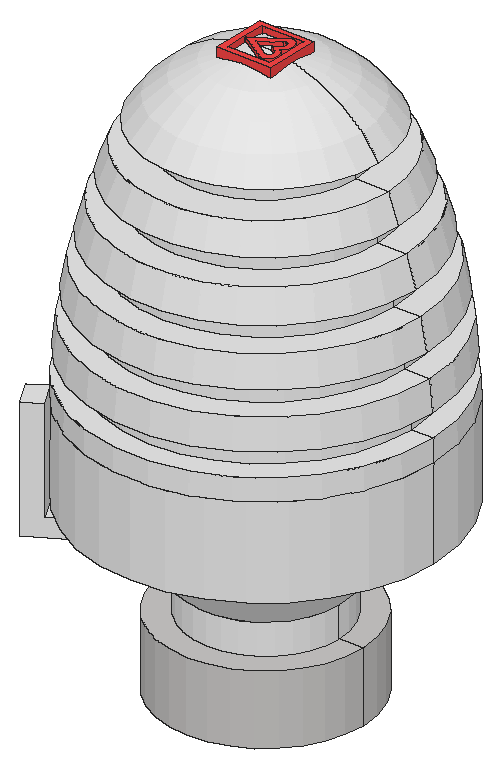
Revit family "HERZ-Design-Thermostatkopf M28x1.5 9230", category Rohrzubehör, Revit 2021
Family settings
  Bemaßung runder Anschluss = Durchmesser verwenden
  Teiletyp = Normal
  OmniClass-Nummer = 23.65.55.14
  OmniClass-Titel = Valves for Liquid Services
  Arbeitsebenenbasiert = Nein
  Immer vertikal = Nein
  Beim Laden mit Abzugskörper schneiden = Nein
  Gemeinsam genutzt = Nein
Parameters
  Vorgabe-Ansicht = 0.000 mm
  URL = "www.herz-armaturen.at"
  Sollwertbereich Frostsicherung = "6-30°C"  # constant formula
  Sollwertbereich = "0-30°C"  # constant formula
  S02 = 60.000 mm  # constant formula
  S01 = 90.000 mm  # constant formula
  Hersteller = "HERZ Armaturen Ges.m.b.H."  # constant formula
  Handrad = "Kunststoff, weiß"  # constant formula
  Funktionsweise = "Der HERZ-Thermostat dient als Fühl- und Regelelement. Durch die Volumsänderung der Flüssigkeitsfüllung im HERZHydrosensor wird die Schubspindel des Ventils bewegt."
  Frostsicherung = 6 °C  # constant formula
  Bestellnummer = 1923006  # constant formula
  Ausführungen = "Heizkörperthermostat mit Flüssigkeitsfühler (Hydrosensor)\r\nmit Stellung „0“, Frostsicherung einstellbar, mit Begrenzung und Blockierung des Sollwertbereiches.\r\nHandradfarbe weiß"
  Anwendungen = "Zur Montage auf allen HERZ-Ventilen, die für thermostatischen Betrieb eingerichtet sind."
Reference planes
  plane 1 "Mitte (Vorne/hinten)": y = 0
  plane 2: z = 0
  plane 3 "Mitte (Links/rechts)": x = 0
Forms (mm)
  Revolve 1, solid, material "Kunststoff weiß", detail levels fine
    sketch origin (0, 0, 0) x (1, 0, 0) y (0, 0, 1)
      loop
        line (0, 0) -> (0, 90)
        arc (0, 90) -> (-10.767, 87.197) -> (-18.8, 79.5) r 22.08
        arc (-18.8, 79.5) -> (-25.672, 59.356) -> (-28, 38.2) r 97.301
        line (-28, 38.2) -> (-28, 23.2) -> (-23.25, 23.2) -> (-23.25, 20.5) -> (-20.4, 20.5) -> (-20.4, 19.7) -> (-12.2, 11.5) -> (-12.2, 4.8) -> (-13.2, 4.8) -> (-13.2, 0) -> (0, 0)
      axis (0, 90) -> (0, 0)
    angle from 0 to 360
  Extrusion 2, solid, material "Kunststoff weiß", detail levels fine
    sketch origin (0, 0, 0) x (0.866025, 0.5, 0) y (0, 0, 1)
      loop
        line (-28.5, 36.04) -> (-31.75, 36.04) -> (-31.75, 16.2) -> (-20.85, 16.2) -> (-20.85, 20.5) -> (-23.25, 20.5) -> (-23.25, 21.5) -> (-24.578, 19.2) -> (-28.5, 19.2) -> (-28.5, 36.04)
    from 2.5 to -2.5
  Extrusion 3, solid, material "Kunststoff weiß", detail levels fine
    sketch origin (0, 0, 0) x (0, 1, 0) y (0, 0, 1)
      loop
        arc (0.75, 19.2) -> (1.987, 19.713) -> (2.5, 20.95) r 1.75
        line (2.5, 20.95) -> (2.5, 32.2) -> (-2.5, 32.2) -> (-2.5, 20.95)
        arc (-2.5, 20.95) -> (-1.987, 19.713) -> (-0.75, 19.2) r 1.75
        line (-0.75, 19.2) -> (0.75, 19.2)
    from 0 to -31.5
  Revolve 4, solid, material "Messing verzinkt", detail levels fine
    sketch origin (0, 0, 0) x (1, 0, 0) y (0, 0, 1)
      loop
        line (0, 0) -> (0, 6.5) -> (-16.25, 6.5) -> (-16.25, -5) -> (-14, -5) -> (-14, 0) -> (0, 0)
      axis (0, 6.5) -> (0, -5)
    angle from 0 to 360
  Revolve 5, void
    sketch origin (0, 0, 0) x (1, 0, 0) y (0, 0, 1)
      loop
        arc (-18.8, 79.5) -> (-19.64, 77.659) -> (-20.442, 75.8) r 97.301
        line (-20.442, 75.8) -> (-14.951, 75.8) -> (-14.951, 79.5) -> (-18.8, 79.5)
      loop
        line (-27.933, 41.8) -> (-24.226, 41.8) -> (-24.226, 45.5) -> (-27.726, 45.5)
        arc (-27.726, 45.5) -> (-27.847, 43.651) -> (-27.933, 41.8) r 97.301
      loop
        arc (-22.197, 71.3) -> (-22.843, 69.456) -> (-23.452, 67.6) r 97.301
        line (-23.452, 67.6) -> (-18.697, 67.6) -> (-18.697, 71.3) -> (-22.197, 71.3)
      loop
        arc (-24.865, 62.7) -> (-25.326, 60.854) -> (-25.751, 59) r 97.301
        line (-25.751, 59) -> (-21.365, 59) -> (-21.365, 62.7) -> (-24.865, 62.7)
      loop
        arc (-26.692, 54.1) -> (-26.98, 52.253) -> (-27.232, 50.4) r 97.301
        line (-27.232, 50.4) -> (-23.192, 50.4) -> (-23.192, 54.1) -> (-26.692, 54.1)
      axis (0, 79.5) -> (0, 41.8)
    angle from 0 to 360
Cuts and joins
  Revolve 5 cuts Revolve 1
Lines and regions (mm)
  model lines, detail levels coarse+medium
    curve 1: line (0, 0, 0) -> (0, 0, 30)
    curve 2: line (0, 0, 0) -> (30, 0, 0)
    curve 3: circle (0, 0, 60) r 30 normal (0, -1, 0)
    curve 4: circle (0, 0, 60) r 30 normal (1, 0, 0)
    curve 5: line (0, 0, 40) -> (0, 0, 80)
    curve 6: line (0, 17.5, 80) -> (0, -17.5, 80)
    curve 7: line (0, 0, 40) -> (0, 0, 80)
    curve 8: line (-17.5, 0, 80) -> (17.5, 0, 80)
    curve 9: circle (60, 0, 0) r 30 normal (0, 0, 1)
    curve 10: line (40, 0, 0) -> (80, 0, 0)
    curve 11: line (80, 17.5, 0) -> (80, -17.5, 0)
Dimensions and locks
  nested 1 to plane 2 = 89.000 mm
  "S01": curve 4 to plane 2
  "S01": curve 3 to plane 2
  "S01": plane 3 "Mitte (Links/rechts)" to curve 9
  "S02": diameter of curve 3
  "S02": diameter of curve 4
  "S02": diameter of curve 9
  aligned and locked: level to plane 2
Automatic sketch dimensions
  Revolve 1 sketch curve to level = 0.000 mm
  Revolve 1 sketch curve to plane 3 "Mitte (Links/rechts)" = 0.000 mm  (x2)
  Revolve 1 sketch curve to plane 3 "Mitte (Links/rechts)" = 12.200 mm
  Revolve 1 sketch curve to Revolve 1 sketch curve = 1.000 mm
  Revolve 1 sketch curve to Revolve 1 sketch curve = 8.200 mm  (x2)
  Revolve 1 sketch curve to Revolve 1 sketch curve = 2.850 mm
  Revolve 1 sketch curve to Revolve 1 sketch curve = 4.750 mm
  plane 3 "Mitte (Links/rechts)" to Revolve 1 sketch curve = 69.301 mm
  level to Revolve 1 sketch curve = 4.800 mm
  Revolve 1 sketch curve to Revolve 1 sketch curve = 6.700 mm
  Revolve 1 sketch curve to Revolve 1 sketch curve = 0.800 mm
  Revolve 1 sketch curve to Revolve 1 sketch curve = 2.700 mm
  Revolve 1 sketch curve to Revolve 1 sketch curve = 15.000 mm
  Revolve 1 sketch curve to Revolve 1 sketch curve = 29.720 mm
  Revolve 1 sketch curve to Revolve 1 sketch curve = 22.080 mm
  Revolve 1 sketch curve to level = 366.045 mm
  Revolve 1 sketch curve to Revolve 1 sketch curve = 0.000 mm
  level to Extrusion 2 sketch curve = 36.040 mm
  Extrusion 2 sketch curve to Extrusion 2 sketch curve = 3.250 mm
  Extrusion 2 sketch curve to Extrusion 2 sketch curve = 3.922 mm
  level to Extrusion 2 sketch curve = 21.500 mm
  Extrusion 2 sketch curve to Extrusion 2 sketch curve = 1.328 mm
  Extrusion 2 sketch curve to Extrusion 2 sketch curve = 3.728 mm
  Extrusion 2 sketch curve to Extrusion 2 sketch curve = 1.000 mm
  Extrusion 2 sketch curve to Extrusion 2 sketch curve = 1.300 mm
  Extrusion 2 sketch curve to Extrusion 2 sketch curve = 3.000 mm
  plane 1 "Mitte (Vorne/hinten)" to Extrusion 3 sketch curve = 2.500 mm
  plane 1 "Mitte (Vorne/hinten)" to Extrusion 3 sketch curve = 0.750 mm
  Extrusion 3 sketch curve to plane 1 "Mitte (Vorne/hinten)" = 0.750 mm
  Extrusion 3 sketch curve to plane 1 "Mitte (Vorne/hinten)" = 2.500 mm
  level to Extrusion 3 sketch curve = 19.200 mm
  Extrusion 3 sketch curve to Extrusion 3 sketch curve = 11.250 mm
  Revolve 4 sketch curve to level = 0.000 mm
  Revolve 4 sketch curve to plane 3 "Mitte (Links/rechts)" = 0.000 mm  (x2)
  Revolve 4 sketch curve to level = 5.000 mm
  Revolve 4 sketch curve to plane 3 "Mitte (Links/rechts)" = 14.000 mm
  Revolve 4 sketch curve to Revolve 4 sketch curve = 2.250 mm
  level to Revolve 4 sketch curve = 6.500 mm
  Revolve 4 sketch curve to Revolve 4 sketch curve = 361.045 mm
  Revolve 4 sketch curve to Revolve 4 sketch curve = 2207.815 mm
  Revolve 5 sketch curve to Revolve 5 sketch curve = 0.000 mm  (x20)
  Revolve 5 sketch curve to plane 3 "Mitte (Links/rechts)" = 0.000 mm
  Revolve 5 sketch curve to plane 3 "Mitte (Links/rechts)" = 14.951 mm
  Revolve 5 sketch curve to Revolve 5 sketch curve = 3.746 mm
  Revolve 5 sketch curve to Revolve 5 sketch curve = 3.849 mm
  Revolve 5 sketch curve to Revolve 5 sketch curve = 1.642 mm
  Revolve 5 sketch curve to Revolve 5 sketch curve = 2.668 mm
  Revolve 5 sketch curve to Revolve 5 sketch curve = 3.500 mm  (x4)
  Revolve 5 sketch curve to Revolve 5 sketch curve = 1.827 mm
  Revolve 5 sketch curve to Revolve 5 sketch curve = 1.255 mm
  Revolve 5 sketch curve to Revolve 5 sketch curve = 1.034 mm
  Revolve 5 sketch curve to Revolve 5 sketch curve = 0.886 mm
  Revolve 5 sketch curve to Revolve 5 sketch curve = 0.540 mm
  Revolve 5 sketch curve to Revolve 5 sketch curve = 0.208 mm
  level to Revolve 5 sketch curve = 38.200 mm
  plane 3 "Mitte (Links/rechts)" to Revolve 5 sketch curve = 69.301 mm
  level to Revolve 5 sketch curve = 41.800 mm
  Revolve 5 sketch curve to Revolve 5 sketch curve = 4.900 mm  (x3)
  Revolve 5 sketch curve to Revolve 5 sketch curve = 4.500 mm
  Revolve 5 sketch curve to level = 366.045 mm
  Revolve 5 sketch curve to Revolve 5 sketch curve = 2134.815 mm
  curve 5 to plane 1 "Mitte (Vorne/hinten)" = 0.000 mm
  curve 4 to plane 1 "Mitte (Vorne/hinten)" = 0.000 mm
  plane 1 "Mitte (Vorne/hinten)" to curve 6 = 17.500 mm
  curve 5 to curve 6 = 17.500 mm
  curve 5 to curve 4 = 20.000 mm
  curve 4 to curve 6 = 20.000 mm
  curve 3 to plane 3 "Mitte (Links/rechts)" = 0.000 mm
  curve 7 to plane 3 "Mitte (Links/rechts)" = 0.000 mm
  curve 1 to plane 3 "Mitte (Links/rechts)" = 0.000 mm
  curve 1 to level = 0.000 mm
  curve 8 to curve 7 = 17.500 mm
  plane 3 "Mitte (Links/rechts)" to curve 8 = 17.500 mm
  curve 1 to curve 7 = 10.000 mm
  curve 3 to curve 8 = 20.000 mm
  plane 1 "Mitte (Vorne/hinten)" to curve 2 = 0.000 mm
  curve 2 to plane 3 "Mitte (Links/rechts)" = 0.000 mm
  plane 1 "Mitte (Vorne/hinten)" to curve 10 = 0.000 mm
  plane 1 "Mitte (Vorne/hinten)" to curve 9 = 0.000 mm
  curve 2 to curve 10 = 10.000 mm
  curve 9 to curve 11 = 20.000 mm
  curve 11 to curve 10 = 17.500 mm
  curve 11 to plane 1 "Mitte (Vorne/hinten)" = 17.500 mm
Nested families
  nested 1: "Herz-Logo" at (0, 0, 89) x (0, -1, 0) z (0, 0, 1), type "Herz-Logo", detail levels fine
Definition of nested family "Herz-Logo"
  Parameters (values of type "Herz-Logo")
    Default Elevation = 0.000 mm
  Reference planes
    plane 1 "Mitte (Vorne/hinten)": y = 0
    plane 2: z = 0
    plane 3 "Mitte (Links/rechts)": x = 0
  Forms (mm)
    Extrusion 1, solid
      sketch origin (0, 0, 0) x (1, 0, 0) y (0, 1, 0)
        loop
          line (-0.018, -4.517) -> (4.482, -4.517) -> (4.482, 4.483) -> (-4.518, 4.483) -> (-4.518, -4.517) -> (-0.018, -4.517)
        loop
          line (-0.05, -3.48) -> (3.482, -3.48) -> (3.482, 3.483) -> (-3.518, 3.483) -> (-3.518, -3.48) -> (-0.05, -3.48)
        loop
          arc (-0.018, 2.383) -> (-1.543, 3.287) -> (-3.067, 2.383) r 1.738
          arc (-3.067, 2.383) -> (-3.191, 1.899) -> (-3.067, 1.415) r 1.009
          line (-3.067, 1.415) -> (-0.018, -3.281) -> (3.032, 1.415)
          arc (3.032, 1.415) -> (3.156, 1.899) -> (3.032, 2.383) r 1.009
          arc (3.032, 2.383) -> (1.507, 3.287) -> (-0.018, 2.383) r 1.738
        loop
          arc (1.885, 1.272) -> (2.005, 1.675) -> (1.885, 2.079) r 0.74
          arc (1.885, 2.079) -> (1.265, 2.416) -> (0.644, 2.079) r 0.74
          line (0.644, 2.079) -> (-0.018, 0.97) -> (-0.679, 2.079)
          arc (-0.679, 2.079) -> (-1.3, 2.416) -> (-1.921, 2.079) r 0.74
          arc (-1.921, 2.079) -> (-2.04, 1.675) -> (-1.921, 1.272) r 0.74
          line (-1.921, 1.272) -> (-0.018, -1.658) -> (1.885, 1.272)
      from 0 to 1.5
  Dimensions and locks
    aligned and locked: level to plane 2
